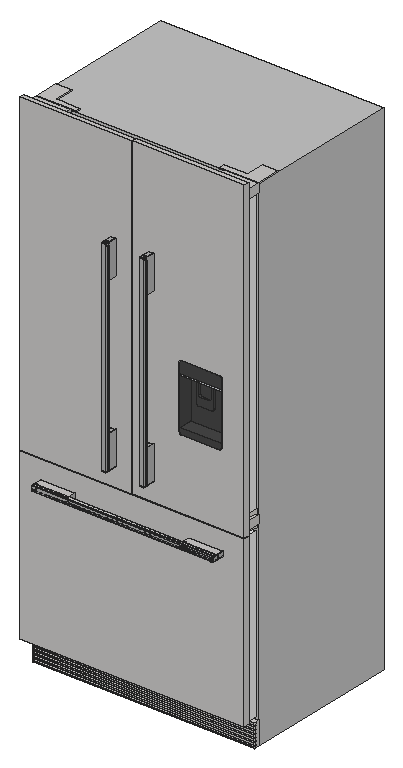
Revit family "FP-Revit20-RS32A72UI-FrenchDoorFridgeFreezer-0-90005071A-US-CA", category Specialty Equipment, Revit 2020 (continued)
Definition of nested family "F&P Handle Kit - Contemporary Square - Vertical"
  Types (11, lengths in mm): name | Handle - Length
    AHD3-RD84 - Contemporary square handle (Vertical) 852mm | 852
    AHD3RS3272A - Contemporary square handle (1 of 2) (Vertical) 727mm | 727
    AHD3RS80A - Contemporary square handle (1 of 2) (Vertical) 727mm | 727
    AHD3RD6121W - Contemporary square handle (1 of 2) (Vertical) 727mm | 727
    AHD3RD7621W - Contemporary square handle (1 of 2) (Vertical) 727mm | 727
    RS36A - Contemporary square handle (1 of 2) (Vertical) 727mm | 727
    RS90A - Contemporary square handle (1 of 2) (Vertical) 727mm | 727
  Reference planes
    plane 1 "Center (Front/Back)": y = 0
    plane 2: z = 0
    plane 3 "Center (Left/Right)": x = 0
    plane 4 "Top": z = 363.5
    plane 5 "Bottom": z = -363.5
    plane 6 "Top Standoff": z = 243.5
    plane 7 "Bottom Standoff": z = -243.5
  Forms (mm)
    Extrusion 1, solid, material <- "Material - Handle", detail levels fine
      sketch origin (0, 0, 0) x (1, 0, 0) y (0, 1, 0)
        loop
          arc (-7.583, -28.701) -> (-7.89, -29.057) -> (-8, -29.514) r 1
          line (-8, -29.514) -> (-8, -40.5)
          arc (-8, -40.5) -> (-7.561, -41.561) -> (-6.5, -42) r 1.5
          line (-6.5, -42) -> (6.5, -42)
          arc (6.5, -42) -> (7.561, -41.561) -> (8, -40.5) r 1.5
          line (8, -40.5) -> (8, -29.487)
          arc (8, -29.487) -> (7.889, -29.029) -> (7.58, -28.673) r 1
          arc (7.58, -28.673) -> (-0.006, -26.256) -> (-7.583, -28.701) r 13.038
      from -363.5 to 363.5
    Extrusion 2, solid, material <- "Material - Handle", detail levels fine
      sketch origin (0, 0, 0) x (1, 0, 0) y (0, 1, 0)
        loop
          arc (7.058, -28.23) -> (7.466, -28.244) -> (7.674, -27.893) r 0.4
          line (7.674, -27.893) -> (7.674, 0) -> (-7.674, 0) -> (-7.674, -27.86)
          arc (-7.674, -27.86) -> (-7.467, -28.21) -> (-7.06, -28.198) r 0.4
          arc (-7.06, -28.198) -> (0.004, -26.156) -> (7.058, -28.23) r 13.136
      from 243.5 to 363.5
    Extrusion 3, solid, material <- "Material - Handle", detail levels fine
      sketch origin (0, 0, 0) x (1, 0, 0) y (0, 1, 0)
        loop
          arc (7.058, -28.23) -> (7.466, -28.244) -> (7.674, -27.893) r 0.4
          line (7.674, -27.893) -> (7.674, 0) -> (-7.674, 0) -> (-7.674, -27.86)
          arc (-7.674, -27.86) -> (-7.467, -28.21) -> (-7.06, -28.198) r 0.4
          arc (-7.06, -28.198) -> (0.004, -26.156) -> (7.058, -28.23) r 13.136
      from -363.5 to -243.5
    Sweep 4, void
      path in 3D
        loop
          line (-8, -29.514, 363.5) -> (-8, -40.5, 363.5)
          arc (-8, -40.5, 363.5) -> (-7.561, -41.561, 363.5) -> (-6.5, -42, 363.5) r 1.5
          line (-6.5, -42, 363.5) -> (6.5, -42, 363.5)
          arc (6.5, -42, 363.5) -> (7.561, -41.561, 363.5) -> (8, -40.5, 363.5) r 1.5
          line (8, -40.5, 363.5) -> (8, -29.487, 363.5)
      profile origin (8, -34.994, 363.5) x (-1, 0, 0) y (0, 0, 1)
        loop
          line (0, 0) -> (0, -1.3) -> (1.3, 0) -> (0, 0)
    Sweep 5, void
      path in 3D
        loop
          line (8, -29.487, -363.5) -> (8, -40.5, -363.5)
          arc (8, -40.5, -363.5) -> (7.561, -41.561, -363.5) -> (6.5, -42, -363.5) r 1.5
          line (6.5, -42, -363.5) -> (-6.5, -42, -363.5)
          arc (-6.5, -42, -363.5) -> (-7.561, -41.561, -363.5) -> (-8, -40.5, -363.5) r 1.5
          line (-8, -40.5, -363.5) -> (-8, -29.514, -363.5)
      profile origin (8, -34.994, -363.5) x (-1, 0, 0) y (0, 0, -1)
        loop
          line (0, 0) -> (0, -1.3) -> (1.3, 0) -> (0, 0)
    Extrusion 6, void
      sketch origin (0, 0, 0) x (1, 0, 0) y (0, 0, 1)
        loop
          line (-8, -362.2) -> (-8, -363.5) -> (-6.7, -363.5) -> (-8, -362.2)
        loop
          line (8, -362.2) -> (6.7, -363.5) -> (8, -363.5) -> (8, -362.2)
      from 0 to 40
    Extrusion 7, void
      sketch origin (0, 0, 0) x (1, 0, 0) y (0, 0, 1)
        loop
          line (-8, 363.5) -> (-8, 362.2) -> (-6.7, 363.5) -> (-8, 363.5)
        loop
          line (8, 363.5) -> (6.7, 363.5) -> (8, 362.2) -> (8, 363.5)
      from 0 to 40
    Extrusion 8, solid, material <- "Material - Handle", detail levels coarse+medium
      sketch origin (0, 0, 0) x (0, 1, 0) y (0, 0, 1)
        loop
          line (0, 363.5) -> (-42, 363.5) -> (-42, -363.5) -> (0, -363.5) -> (0, -243.5) -> (-26.245, -243.5) -> (-26.245, 243.5) -> (0, 243.5) -> (0, 363.5)
      from -8 to 8
  Cuts and joins
    Sweep 4, Sweep 5, Extrusion 6, Extrusion 7 cuts Extrusion 1
    Extrusion 6 cuts Extrusion 3
    Extrusion 7 cuts Extrusion 2
  Lines and regions (mm)
    sketch lines
      curve 1: line (8, -40.5, 363.5) -> (8, -29.487, 363.5)
      curve 2: arc (8, -40.5, 363.5) -> (7.561, -41.561, 363.5) -> (6.5, -42, 363.5) r 1.5
      curve 3: line (-6.5, -42, 363.5) -> (6.5, -42, 363.5)
      curve 4: arc (-6.5, -42, 363.5) -> (-7.561, -41.561, 363.5) -> (-8, -40.5, 363.5) r 1.5
      curve 5: line (-8, -29.514, 363.5) -> (-8, -40.5, 363.5)
      curve 6: line (8, -29.487, -363.5) -> (8, -40.5, -363.5)
      curve 7: arc (6.5, -42, -363.5) -> (7.561, -41.561, -363.5) -> (8, -40.5, -363.5) r 1.5
      curve 8: line (6.5, -42, -363.5) -> (-6.5, -42, -363.5)
      curve 9: arc (-8, -40.5, -363.5) -> (-7.561, -41.561, -363.5) -> (-6.5, -42, -363.5) r 1.5
      curve 10: line (-8, -40.5, -363.5) -> (-8, -29.514, -363.5)
  Dimensions and locks
    equal spacing: plane 4 "Top", level, plane 5 "Bottom"
    "Handle - Length": plane 4 "Top" to plane 5 "Bottom"
    locked: plane 4 "Top" to plane 6 "Top Standoff" at 120
    locked: plane 7 "Bottom Standoff" to plane 5 "Bottom" at 120
    aligned and locked: level to plane 2
    aligned and locked: plane 4 "Top" to Extrusion 2
    aligned and locked: Extrusion 2 to plane 6 "Top Standoff"
    aligned and locked: plane 4 "Top" to Extrusion 1
    aligned and locked: Extrusion 1 to plane 5 "Bottom"
    aligned and locked: Extrusion 3 to plane 5 "Bottom"
    aligned and locked: plane 7 "Bottom Standoff" to Extrusion 3
    aligned and locked: plane 4 "Top" to Extrusion 8 sketch curve
    aligned and locked: plane 6 "Top Standoff" to Extrusion 8 sketch curve
    aligned and locked: plane 7 "Bottom Standoff" to Extrusion 8 sketch curve
    aligned and locked: plane 5 "Bottom" to Extrusion 8 sketch curve
    aligned and locked: plane 1 "Center (Front/Back)" to Extrusion 8 sketch curve  (x2)
  Automatic sketch dimensions
    Extrusion 1 sketch curve to plane 3 "Center (Left/Right)" = 8 mm
    Extrusion 1 sketch curve to Extrusion 1 sketch curve = 1 mm  (x2)
    Extrusion 1 sketch curve to Extrusion 1 sketch curve = 1.5 mm
    plane 3 "Center (Left/Right)" to Extrusion 1 sketch curve = 0.018 mm
    plane 3 "Center (Left/Right)" to Extrusion 1 sketch curve = 6.5 mm
    plane 3 "Center (Left/Right)" to Extrusion 1 sketch curve = 7 mm
    plane 1 "Center (Front/Back)" to Extrusion 1 sketch curve = 42 mm
    Extrusion 1 sketch curve to Extrusion 1 sketch curve = 1.206 mm
    Extrusion 1 sketch curve to Extrusion 1 sketch curve = 10.986 mm
    Extrusion 1 sketch curve to Extrusion 1 sketch curve = 11.013 mm
    Extrusion 1 sketch curve to Extrusion 1 sketch curve = 0 mm
    plane 1 "Center (Front/Back)" to Extrusion 2 sketch curve = 0 mm
    Extrusion 2 sketch curve to plane 3 "Center (Left/Right)" = 7.674 mm
    Extrusion 2 sketch curve to Extrusion 2 sketch curve = 0.4 mm  (x2)
    Extrusion 2 sketch curve to plane 3 "Center (Left/Right)" = 0.026 mm
    plane 3 "Center (Left/Right)" to Extrusion 2 sketch curve = 7.274 mm
    plane 1 "Center (Front/Back)" to Extrusion 2 sketch curve = 27.86 mm
    Extrusion 2 sketch curve to Extrusion 2 sketch curve = 0.033 mm
    Extrusion 2 sketch curve to Extrusion 2 sketch curve = 11.398 mm
    Extrusion 2 sketch curve to Extrusion 2 sketch curve = 0 mm
    plane 1 "Center (Front/Back)" to Extrusion 3 sketch curve = 0 mm
    Extrusion 3 sketch curve to Extrusion 3 sketch curve = 0.4 mm  (x2)
    Extrusion 3 sketch curve to Extrusion 3 sketch curve = 7.248 mm
    Extrusion 3 sketch curve to Extrusion 3 sketch curve = 7.3 mm
    plane 1 "Center (Front/Back)" to Extrusion 3 sketch curve = 27.86 mm
    Extrusion 3 sketch curve to Extrusion 3 sketch curve = 0.033 mm
    Extrusion 3 sketch curve to Extrusion 3 sketch curve = 11.398 mm
    Extrusion 3 sketch curve to Extrusion 3 sketch curve = 0 mm
    Sweep 4 sketch curve to profile plane = 0 mm  (x2)
    Sweep 4 sketch curve to profile plane = 1.3 mm  (x2)
    Sweep 5 sketch curve to profile plane = 0 mm  (x2)
    Sweep 5 sketch curve to profile plane = 1.3 mm  (x2)
    Extrusion 6 sketch curve to plane 5 "Bottom" = 0 mm  (x2)
    plane 5 "Bottom" to Extrusion 6 sketch curve = 1.3 mm  (x2)
    Extrusion 6 sketch curve to plane 3 "Center (Left/Right)" = 8 mm
    Extrusion 6 sketch curve to Extrusion 6 sketch curve = 1.3 mm  (x2)
    plane 3 "Center (Left/Right)" to Extrusion 6 sketch curve = 8 mm
    Extrusion 7 sketch curve to plane 4 "Top" = 0 mm  (x2)
    Extrusion 7 sketch curve to plane 3 "Center (Left/Right)" = 8 mm
    Extrusion 7 sketch curve to Extrusion 7 sketch curve = 1.3 mm  (x2)
    plane 3 "Center (Left/Right)" to Extrusion 7 sketch curve = 8 mm
    Extrusion 7 sketch curve to plane 4 "Top" = 1.3 mm  (x2)
    plane 1 "Center (Front/Back)" to Extrusion 8 sketch curve = 26.245 mm
    plane 1 "Center (Front/Back)" to Extrusion 8 sketch curve = 42 mm
    Extrusion 3 sketch curve to plane 3 "Center (Left/Right)" = 7.674 mm
Definition of nested family "F&P Handle Kit - Contemporary Square Fine - Horizontal"
  Parameters (values of type "AHD5RD2484W - Contemporary square fine handle (2 of 2) (Horizontal) 494mm")
    URL = "www.fisherpaykel.com"
    Material - Handle = none
    Manufacturer = "Fisher & Paykel Appliances"
    Handle - Length = 494 mm
    Default Elevation = 0 mm
  Types (15, lengths in mm): name | Handle - Length
    (no name) | 494
    AHD5RD2484W - Contemporary square fine handle (2 of 2) (Horizontal) 494mm | 494
    AHD5RD2484WB - Contemporary square fine black handle (2 of 2) (Horizontal) 494mm | 494
    AHD5RD3084W - Contemporary square fine handle (2 of 2) (Horizontal) 646mm | 646
    AHD5RD3084WB - Contemporary square fine black handle (2 of 2) (Horizontal) 646mm | 646
    AHD5RD7621W - Contemporary square fine handle (2 of 2) (Horizontal) 646mm | 646
    AHD5RD7621WB - Contemporary square fine handle black (2 of 2) (Horizontal) 646mm | 646
    AHD5RD6121W - Contemporary square fine handle (2 of 2) (Horizontal) 494mm | 494
    AHD5RD6121WB - Contemporary square fine handle black (2 of 2) (Horizontal) 494mm | 494
    AHD5RD36A - Contemporary square fine handle (2 of 2) (Horizontal) 746mm | 746
    AHD5RD36AB - Contemporary square fine black handle (2 of 2) (Horizontal) 746mm | 746
    AHD5RD90A - Contemporary square fine handle (2 of 2) (Horizontal) 746mm | 746
    AHD5RD80A - Contemporary square fine handle (2 of 2) (Horizontal) 646mm | 646
    AHD5RD80AB - Contemporary square fine black handle (2 of 2) (Horizontal) 646mm | 646
    AHD5RD90AB - Contemporary square fine black handle (2 of 2) (Horizontal) 746mm | 746
  Reference planes
    plane 1 "Center (Front/Back)": y = 0
    plane 2: z = 0
    plane 3 "Center (Left/Right)": x = 0
    plane 4 "Product LHS": x = -247
    plane 5 "Product RHS": x = 247
    plane 6 "LHS Standoff": x = -126.995
    plane 7 "RHS Standoff": x = 127.005
  Forms (mm)
    Extrusion 1, solid, material <- "Material - Handle", detail levels fine
      sketch origin (0, 0, 0) x (0, 1, 0) y (0, 0, 1)
        loop
          arc (-26.813, 6.16) -> (-27.196, 6.554) -> (-27.728, 6.686) r 1
          line (-27.728, 6.686) -> (-40.035, 6.256)
          arc (-40.035, 6.256) -> (-40.719, 5.951) -> (-41, 5.257) r 1
          line (-41, 5.257) -> (-41, -5.257)
          arc (-41, -5.257) -> (-40.719, -5.951) -> (-40.035, -6.256) r 1
          line (-40.035, -6.256) -> (-27.709, -6.686)
          arc (-27.709, -6.686) -> (-27.175, -6.554) -> (-26.792, -6.158) r 1
          arc (-26.792, -6.158) -> (-25.256, 0.004) -> (-26.813, 6.16) r 13.038
      from -247 to 247
    Extrusion 2, solid, material <- "Material - Handle", detail levels fine
      sketch origin (0, 0, 0) x (0, 1, 0) y (0, 0, 1)
        loop
          arc (-26.626, -6.008) -> (-26.614, -6.49) -> (-26.2, -6.737) r 0.5
          line (-26.2, -6.737) -> (0, -7.696) -> (0, 7.704) -> (-26.174, 6.747)
          arc (-26.174, 6.747) -> (-26.587, 6.5) -> (-26.6, 6.019) r 0.5
          arc (-26.6, 6.019) -> (-25.156, 0.002) -> (-26.626, -6.008) r 13.136
      from 127.005 to 247
    Extrusion 3, solid, material <- "Material - Handle", detail levels coarse+medium
      sketch origin (0, 0, 0) x (1, 0, 0) y (0, 1, 0)
        loop
          line (-247, -42) -> (247, -42) -> (247, 0) -> (127.005, 0) -> (127.005, -26.156) -> (-126.995, -26.156) -> (-126.995, 0) -> (-247, 0) -> (-247, -42)
      from -8.022 to 7.978
    Extrusion 4, solid, material <- "Material - Handle", detail levels fine
      sketch origin (0, 0, 0) x (0, 1, 0) y (0, 0, 1)
        loop
          arc (-26.626, -6.008) -> (-26.614, -6.49) -> (-26.2, -6.737) r 0.5
          line (-26.2, -6.737) -> (0, -7.696) -> (0, 7.704) -> (-26.174, 6.747)
          arc (-26.174, 6.747) -> (-26.587, 6.5) -> (-26.6, 6.019) r 0.5
          arc (-26.6, 6.019) -> (-25.156, 0.002) -> (-26.626, -6.008) r 13.136
      from -247 to -126.995
  Dimensions and locks
    equal spacing: plane 4 "Product LHS", plane 3 "Center (Left/Right)", plane 5 "Product RHS"
    "Handle - Length": plane 4 "Product LHS" to plane 5 "Product RHS"
    locked: plane 4 "Product LHS" to plane 6 "LHS Standoff" at 120.005
    locked: plane 7 "RHS Standoff" to plane 5 "Product RHS" at 119.995
    aligned and locked: level to plane 2
    aligned and locked: Extrusion 1 to plane 5 "Product RHS"
    aligned and locked: plane 4 "Product LHS" to Extrusion 1
    aligned and locked: Extrusion 2 to plane 5 "Product RHS"
    aligned and locked: plane 4 "Product LHS" to Extrusion 3 sketch curve
    aligned and locked: Extrusion 3 sketch curve to plane 5 "Product RHS"
    aligned and locked: Extrusion 3 sketch curve to plane 7 "RHS Standoff"
    aligned and locked: plane 6 "LHS Standoff" to Extrusion 3 sketch curve
    aligned and locked: plane 4 "Product LHS" to Extrusion 4
    aligned and locked: plane 6 "LHS Standoff" to Extrusion 4
    aligned and locked: Extrusion 2 to plane 7 "RHS Standoff"
  Automatic sketch dimensions
    Extrusion 1 sketch curve to level = 5.257 mm
    plane 1 "Center (Front/Back)" to Extrusion 1 sketch curve = 41 mm
    level to Extrusion 1 sketch curve = 6.256 mm
    Extrusion 1 sketch curve to Extrusion 1 sketch curve = 0.965 mm  (x2)
    Extrusion 1 sketch curve to level = 6.256 mm
    Extrusion 1 sketch curve to Extrusion 1 sketch curve = 0.035 mm  (x3)
    Extrusion 1 sketch curve to level = 0.018 mm
    Extrusion 1 sketch curve to Extrusion 1 sketch curve = 1.706 mm
    level to Extrusion 1 sketch curve = 6.686 mm
    Extrusion 1 sketch curve to Extrusion 1 sketch curve = 12.307 mm
    Extrusion 1 sketch curve to level = 6.686 mm
    Extrusion 1 sketch curve to Extrusion 1 sketch curve = 12.326 mm
    Extrusion 1 sketch curve to Extrusion 1 sketch curve = 0.999 mm  (x2)
    Extrusion 1 sketch curve to Extrusion 1 sketch curve = 0 mm
    Extrusion 2 sketch curve to plane 1 "Center (Front/Back)" = 0 mm
    level to Extrusion 2 sketch curve = 6.247 mm
    plane 1 "Center (Front/Back)" to Extrusion 2 sketch curve = 26.155 mm
    level to Extrusion 2 sketch curve = 6.747 mm
    Extrusion 2 sketch curve to Extrusion 2 sketch curve = 0.018 mm  (x2)
    Extrusion 2 sketch curve to level = 6.238 mm
    Extrusion 2 sketch curve to Extrusion 2 sketch curve = 0.026 mm
    Extrusion 2 sketch curve to level = 6.737 mm
    level to Extrusion 2 sketch curve = 0.03 mm
    Extrusion 2 sketch curve to Extrusion 2 sketch curve = 12.11 mm
    Extrusion 2 sketch curve to level = 7.696 mm
    level to Extrusion 2 sketch curve = 7.704 mm
    Extrusion 2 sketch curve to Extrusion 2 sketch curve = 0 mm
    plane 1 "Center (Front/Back)" to Extrusion 3 sketch curve = 42 mm
    Extrusion 3 sketch curve to Extrusion 3 sketch curve = 15.844 mm
    Extrusion 3 sketch curve to Extrusion 3 sketch curve = 26.156 mm  (x2)
    level to Extrusion 4 sketch curve = 0.03 mm
    plane 1 "Center (Front/Back)" to Extrusion 4 sketch curve = 38.291 mm
    Extrusion 4 sketch curve to level = 6.737 mm
    Extrusion 4 sketch curve to Extrusion 4 sketch curve = 12.091 mm
    Extrusion 4 sketch curve to Extrusion 4 sketch curve = 0.018 mm  (x2)
    level to Extrusion 4 sketch curve = 6.747 mm
    Extrusion 4 sketch curve to Extrusion 4 sketch curve = 0.008 mm
    level to Extrusion 4 sketch curve = 7.704 mm
    Extrusion 4 sketch curve to Extrusion 4 sketch curve = 26.174 mm
    Extrusion 4 sketch curve to level = 7.696 mm
    Extrusion 4 sketch curve to Extrusion 4 sketch curve = 0.5 mm  (x2)
    Extrusion 4 sketch curve to Extrusion 4 sketch curve = 0 mm
Definition of nested family "F&P Handle Kit - Contemporary Square Fine - Vertical"
  Parameters (values of type "AHD5RD90AB - Contemporary square fine black handle (1 of 2) (Vertical) 727mm")
    URL = "www.fisherpaykel.com"
    Material - Handle = none
    Manufacturer = "Fisher & Paykel Appliances"
    Handle - Length = 727 mm
    Default Elevation = 0 mm
  Types (14): name
    AHD5RD2484W - Contemporary square fine handle (1 of 2) (Vertical) 727mm
    AHD5RD2484WB - Contemporary square fine black handle (1 of 2) (Vertical) 727mm
    AHD5RD3084W - Contemporary square fine handle (1 of 2) (Vertical) 727mm
    AHD5RD3084WB - Contemporary square fine black handle (1 of 2) (Vertical) 727mm
    AHD5RD6121W - Contemporary square fine handle (1 of 2) (Vertical) 727mm
    AHD5RD6121WB - Contemporary square fine black handle (1 of 2) (Vertical) 727mm
    AHD5RD7621W - Contemporary square fine handle (1 of 2) (Vertical) 727mm
    AHD5RD7621WB - Contemporary square fine black handle (1 of 2) (Vertical) 727mm
    AHD5RD36A - Contemporary square fine handle (1 of 2) (Vertical) 727mm
    AHD5RD36AB - Contemporary square fine black handle (1 of 2) (Vertical) 727mm
    AHD5RD80A - Contemporary square fine handle (1 of 2) (Vertical) 727mm
    AHD5RD90A - Contemporary square fine handle (1 of 2) (Vertical) 727mm
    AHD5RD80AB - Contemporary square fine black handle (1 of 2) (Vertical) 727mm
    AHD5RD90AB - Contemporary square fine black handle (1 of 2) (Vertical) 727mm
  Reference planes
    plane 1 "Center (Front/Back)": y = 0
    plane 2: z = 0
    plane 3 "Center (Left/Right)": x = 0
    plane 4 "Top": z = 363.5
    plane 5 "Bottom": z = -363.5
    plane 6 "Top Standoff": z = 243.5
    plane 7 "Bottom Standoff": z = -243.5
  Forms (mm)
    Extrusion 1, solid, material <- "Material - Handle", detail levels fine
      sketch origin (0, 0, 0) x (1, 0, 0) y (0, 1, 0)
        loop
          arc (-6.16, -26.813) -> (-6.554, -27.196) -> (-6.686, -27.728) r 1
          line (-6.686, -27.728) -> (-6.256, -40.035)
          arc (-6.256, -40.035) -> (-5.951, -40.719) -> (-5.257, -41) r 1
          line (-5.257, -41) -> (5.257, -41)
          arc (5.257, -41) -> (5.951, -40.719) -> (6.256, -40.035) r 1
          line (6.256, -40.035) -> (6.686, -27.709)
          arc (6.686, -27.709) -> (6.554, -27.175) -> (6.158, -26.792) r 1
          arc (6.158, -26.792) -> (-0.004, -25.256) -> (-6.16, -26.813) r 13.038
      from -363.5 to 363.5
    Extrusion 2, solid, material <- "Material - Handle", detail levels fine
      sketch origin (0, 0, 0) x (1, 0, 0) y (0, 1, 0)
        loop
          arc (6.012, -26.626) -> (6.494, -26.614) -> (6.741, -26.2) r 0.5
          line (6.741, -26.2) -> (7.7, 0) -> (-7.7, 0) -> (-6.742, -26.174)
          arc (-6.742, -26.174) -> (-6.496, -26.587) -> (-6.015, -26.6) r 0.5
          arc (-6.015, -26.6) -> (0.002, -25.156) -> (6.012, -26.626) r 13.136
      from 243.5 to 363.5
    Extrusion 3, solid, material <- "Material - Handle", detail levels coarse+medium
      sketch origin (0, 0, 0) x (0, 1, 0) y (0, 0, 1)
        loop
          line (0, 363.5) -> (-42, 363.5) -> (-42, -363.5) -> (0, -363.5) -> (0, -243.5) -> (-26.245, -243.5) -> (-26.245, 243.5) -> (0, 243.5) -> (0, 363.5)
      from -8 to 8
    Extrusion 4, solid, material <- "Material - Handle", detail levels fine
      sketch origin (0, 0, 0) x (1, 0, 0) y (0, 1, 0)
        loop
          arc (6.012, -26.626) -> (6.494, -26.614) -> (6.741, -26.2) r 0.5
          line (6.741, -26.2) -> (7.7, 0) -> (-7.7, 0) -> (-6.742, -26.174)
          arc (-6.742, -26.174) -> (-6.496, -26.587) -> (-6.015, -26.6) r 0.5
          arc (-6.015, -26.6) -> (0.002, -25.156) -> (6.012, -26.626) r 13.136
      from -363.5 to -243.5
  Dimensions and locks
    equal spacing: plane 4 "Top", level, plane 5 "Bottom"
    "Handle - Length": plane 4 "Top" to plane 5 "Bottom"
    locked: plane 4 "Top" to plane 6 "Top Standoff" at 120
    locked: plane 7 "Bottom Standoff" to plane 5 "Bottom" at 120
    aligned and locked: level to plane 2
    aligned and locked: plane 4 "Top" to Extrusion 2
    aligned and locked: Extrusion 2 to plane 6 "Top Standoff"
    aligned and locked: plane 4 "Top" to Extrusion 1
    aligned and locked: Extrusion 1 to plane 5 "Bottom"
    aligned and locked: plane 4 "Top" to Extrusion 3 sketch curve
    aligned and locked: plane 6 "Top Standoff" to Extrusion 3 sketch curve
    aligned and locked: plane 7 "Bottom Standoff" to Extrusion 3 sketch curve
    aligned and locked: plane 5 "Bottom" to Extrusion 3 sketch curve
    aligned and locked: Extrusion 4 to plane 5 "Bottom"
    aligned and locked: plane 7 "Bottom Standoff" to Extrusion 4
  Automatic sketch dimensions
    Extrusion 1 sketch curve to plane 3 "Center (Left/Right)" = 6.686 mm
    Extrusion 1 sketch curve to plane 3 "Center (Left/Right)" = 6.256 mm
    Extrusion 1 sketch curve to Extrusion 1 sketch curve = 0.999 mm  (x4)
    plane 3 "Center (Left/Right)" to Extrusion 1 sketch curve = 0.018 mm
    plane 3 "Center (Left/Right)" to Extrusion 1 sketch curve = 5.257 mm
    plane 3 "Center (Left/Right)" to Extrusion 1 sketch curve = 5.687 mm
    plane 1 "Center (Front/Back)" to Extrusion 1 sketch curve = 41 mm
    Extrusion 1 sketch curve to Extrusion 1 sketch curve = 0.965 mm  (x2)
    Extrusion 1 sketch curve to Extrusion 1 sketch curve = 1.706 mm
    Extrusion 1 sketch curve to Extrusion 1 sketch curve = 12.307 mm
    Extrusion 1 sketch curve to Extrusion 1 sketch curve = 12.326 mm
    Extrusion 1 sketch curve to Extrusion 1 sketch curve = 0.035 mm  (x2)
    Extrusion 1 sketch curve to Extrusion 1 sketch curve = 0 mm
    plane 1 "Center (Front/Back)" to Extrusion 2 sketch curve = 0 mm
    Extrusion 2 sketch curve to plane 3 "Center (Left/Right)" = 7.7 mm
    Extrusion 2 sketch curve to plane 3 "Center (Left/Right)" = 6.742 mm
    Extrusion 2 sketch curve to Extrusion 2 sketch curve = 0.5 mm  (x2)
    Extrusion 2 sketch curve to plane 3 "Center (Left/Right)" = 0.026 mm
    plane 3 "Center (Left/Right)" to Extrusion 2 sketch curve = 6.242 mm
    plane 3 "Center (Left/Right)" to Extrusion 2 sketch curve = 7.7 mm
    plane 1 "Center (Front/Back)" to Extrusion 2 sketch curve = 26.155 mm
    Extrusion 2 sketch curve to Extrusion 2 sketch curve = 0.018 mm  (x2)
    Extrusion 2 sketch curve to Extrusion 2 sketch curve = 0.026 mm
    Extrusion 2 sketch curve to Extrusion 2 sketch curve = 12.11 mm
    Extrusion 2 sketch curve to Extrusion 2 sketch curve = 0 mm
    plane 1 "Center (Front/Back)" to Extrusion 3 sketch curve = 42 mm
    Extrusion 3 sketch curve to Extrusion 3 sketch curve = 15.755 mm
    Extrusion 3 sketch curve to Extrusion 3 sketch curve = 42 mm  (x2)
    Extrusion 4 sketch curve to plane 3 "Center (Left/Right)" = 7.7 mm
    Extrusion 4 sketch curve to plane 3 "Center (Left/Right)" = 6.742 mm
    Extrusion 4 sketch curve to Extrusion 4 sketch curve = 0.5 mm  (x2)
    Extrusion 4 sketch curve to plane 3 "Center (Left/Right)" = 0.026 mm
    plane 3 "Center (Left/Right)" to Extrusion 4 sketch curve = 6.242 mm
    plane 3 "Center (Left/Right)" to Extrusion 4 sketch curve = 7.7 mm
    plane 1 "Center (Front/Back)" to Extrusion 4 sketch curve = 38.291 mm
    Extrusion 4 sketch curve to Extrusion 4 sketch curve = 12.091 mm
    Extrusion 4 sketch curve to Extrusion 4 sketch curve = 0.018 mm  (x2)
    Extrusion 4 sketch curve to Extrusion 4 sketch curve = 0.452 mm
    Extrusion 4 sketch curve to Extrusion 4 sketch curve = 26.174 mm
    Extrusion 4 sketch curve to Extrusion 4 sketch curve = 0 mm
Definition of nested family "Comment Marker 2D"
  Types (3): name
    New
    Resolved
    Active
  Reference planes
    plane 1: y = 0
    plane 2: x = 0
  Text (mm)
    text "Edit Type: \nTo control handle kit \nand door panel visibility\n options\n\nDelete unwanted kits \nto reduce file size" at (-0.165, 35.556, 0)
